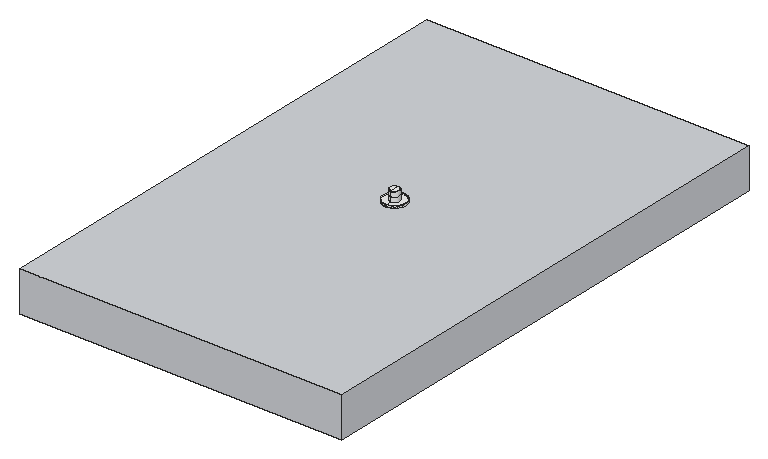
Revit family "Thermostatic_Trim-GROHE-Europlus_Custom-19879_Series", category Plumbing Fixtures, host Face, Revit 2014
Parameters (values of type "19879000")
  Width = 6 11/16"  # constant formula
  Waste Connection = no
  Warranty Documentation Link = "https://cdn.cloud.grohe.com/tpi/1000/1900/1940/1949/1949006/original/1949006.pdf"
  WFU = 4  # constant formula
  Vent Connection = no
  URL = "https://www.grohe.us/"
  Type Comments = ""
  Tempered Connection Radius = Tempered Connection Diameter / 2  # 1/4"
  Tempered Connection Diameter = Hot Water Connection Diameter  # 1/2"
  Shipping Weight = 3.896 lbf
  Product Page URL = "https://www.grohe.us/en_us/europlus-custom-shower-thermostatic-trim-with-control-module-19879000.html"
  Price = "Prices may vary. Please consult Manufacturer Representative for most up-to-date price list."  # constant formula
  Model = "19879000"
  Material = "Metal-Grohe-000-Chrome"
  Manufacturer = "Grohe"
  Length = 3 7/16"  # constant formula
  Installation Type = "Wall Mounted"
  Hot Water Connection Radius = Hot Water Connection Diameter / 2  # 1/4"
  Hot Water Connection Diameter = Cold Water Connection Diameter  # 1/2"
  Height = 40"
  HWFU = 3  # constant formula
  HW Connection = yes
  Flow Rate = "14 gpm at 45 psi"  # constant formula
  Finish = Metal-Grohe-000-Chrome
  Description = "Europlus Custom shower thermostatic trim with control module"  # constant formula
  Default Elevation = 44"  # constant formula
  Creation Date = "06/29/2017"  # constant formula
  Cold Water Connection Radius = 1/4"  # constant formula
  Cold Water Connection Diameter = Cold Water Connection Radius * 2  # 1/2"
  CWFU = 3  # constant formula
  CW Connection = yes
  Assembly Code = "D2010710"
  ADA Compliant = yes
Types (2): name | Shipping Weight | Product Page URL | Model | Material | Finish
  19879000 | 3.896 lbf | "https://www.grohe.us/en_us/europlus-custom-shower-thermostatic-trim-with-control-module-19879000.html" | "19879000" | "Metal-Grohe-000-Chrome" | Metal-Grohe-000-Chrome
  19879EN0 | 3.907 lbf | "https://www.grohe.us/en_us/custom-shower-thermostatic-trim-with-control-module-19879EN0.html" | "19879EN0" | "Metal-Grohe-EN0-Brushed Nickel" | Metal-Grohe-EN0-Brushed Nickel
Reference planes (in)
  plane 1 "Center (Front/Back)": y = 0
  plane 2: z = 0
  plane 3 "Center (Left/Right)": x = 0
  plane 4: y = 40
  plane 5: y = -18
  plane 6: y = -39
  plane 7: x = -1.21875
  plane 8: x = 1.21875
  plane 9: x = -3.34375
  plane 10: x = 3.34375
  plane 11: z = 0.375
  plane 12: z = 4
  plane 13: z = 3.38878
  plane 14: z = 0.8125
  plane 15: y = 3.34375
  plane 16: y = -3.34375
  plane 17: z = 2.5749
  plane 18: z = 2.22281
  plane 19: z = 1.62111
  plane 20: z = 1.4497
Forms (in)
  Extrusion 1, solid
    sketch origin (0, 0, 0) x (1, 0, 0) y (0, 1, 0)
      loop
        line (-48, 72) -> (-48, -79.70833) -> (48, -79.70833) -> (48, 72) -> (-48, 72)
    from 0 to -12
  Revolve 2, solid, material "Metal-Grohe-000-Chrome" <- "Finish"
    sketch origin (0, 0, 0) x (0, 1, 0) y (0, 0, 1)
      loop
        line (3.34375, 0) -> (3.34375, 0.4285)
        arc (3.34375, 0.4285) -> (3.32281, 0.47906) -> (3.27225, 0.5) r 0.0715
        line (3.27225, 0.5) -> (1.34375, 0.5) -> (1.34375, 1.85447) -> (1.2652, 1.85447) -> (1.2652, 1.92424) -> (1.34375, 1.92424) -> (1.34375, 3.22068)
        arc (1.34375, 3.22068) -> (1.33564, 3.24345) -> (1.31496, 3.25598) r 0.03603
        arc (1.31496, 3.25598) -> (0.66087, 3.35609) -> (0, 3.38957) r 6.53843
        line (0, 3.38957) -> (0, 0) -> (3.34375, 0)
      axis (0, 3.38957) -> (0, 0)
    angle from 0 to 360
  Extrusion 3, solid, material "Metal-Grohe-000-Chrome" <- "Finish"
    sketch origin (0, 0, 0) x (1, 0, 0) y (0, 1, 0)
      loop
        line (-0.37577, 1.68869) -> (-0.37577, 0.9505) -> (0.37577, 0.9505) -> (0.37577, 1.68869)
        arc (0.37577, 1.68869) -> (0.36367, 1.73085) -> (0.33103, 1.76017) r 0.07947
        arc (0.33103, 1.76017) -> (0, 1.83632) -> (-0.33103, 1.76017) r 0.75756
        arc (-0.33103, 1.76017) -> (-0.36367, 1.73085) -> (-0.37577, 1.68869) r 0.07947
    from 2.22281 to 2.5749
  Extrusion 4, solid, material "Metal-Grohe-000-Chrome" <- "Finish"
    sketch origin (0, 0, 0) x (1, 0, 0) y (0, 1, 0)
      loop
        circle (-0.75156, 0) r 0.25
      loop
        circle (0.75156, 0) r 0.25
    from 0 to 0.0625
Cuts and joins
  joined: Revolve 2, Extrusion 3, Extrusion 4
Lines and regions (in)
  Masking region 1
    outline origin (0, 0, 0) x (1, 0, 0) y (0, 0, 1)
      loop
        line (3.34375, 0) -> (3.34375, 0.42537)
        arc (3.34375, 0.42537) -> (3.32189, 0.47814) -> (3.26912, 0.5) r 0.07463
        line (3.26912, 0.5) -> (1.34375, 0.5) -> (1.34375, 1.85447) -> (1.2652, 1.85447) -> (1.2652, 1.92424) -> (1.34375, 1.92424) -> (1.34375, 3.21741)
        arc (1.34375, 3.21741) -> (1.33415, 3.24428) -> (1.3097, 3.25899) r 0.04242
        arc (1.3097, 3.25899) -> (-0.00235, 3.38882) -> (-1.31405, 3.25547) r 6.60509
        arc (-1.31405, 3.25547) -> (-1.33538, 3.24257) -> (-1.34375, 3.21909) r 0.03712
        line (-1.34375, 3.21909) -> (-1.34375, 1.92424) -> (-1.2652, 1.92424) -> (-1.2652, 1.85447) -> (-1.34375, 1.85447) -> (-1.34375, 0.5) -> (-3.26912, 0.5)
        arc (-3.26912, 0.5) -> (-3.32189, 0.47814) -> (-3.34375, 0.42537) r 0.07463
        line (-3.34375, 0.42537) -> (-3.34375, 0) -> (3.34375, 0)
  symbolic lines, detail levels fine
    curve 1: line (0.37577, 0, 2.5749) -> (-0.37577, 0, 2.5749)
    curve 2: line (0.37577, 0, 2.22281) -> (0.37577, 0, 2.5749)
    curve 3: line (-0.37577, 0, 2.22281) -> (0.37577, 0, 2.22281)
    curve 4: line (-0.37577, 0, 2.5749) -> (-0.37577, 0, 2.22281)
    curve 5: line (1.2652, 0, 1.92424) -> (-1.2652, 0, 1.92424)
    curve 6: line (-1.2652, 0, 1.85447) -> (1.2652, 0, 1.85447)
  symbolic lines, detail levels medium+fine
    curve 7: line (1.34375, 0, 0.5) -> (-1.34375, 0, 0.5)
Dimensions and locks (in)
  plane 1 "Center (Front/Back)" to plane 5 = 18"
  plane 5 to plane 6 = 21"
  plane 1 "Center (Front/Back)" to plane 4 = 40"
  plane 11 to level = 3/8"
  plane 12 to level = 4"
  level to plane 13 = 3.38878"
  plane 14 to level = 13/16"
  equal spacing: plane 15, plane 1 "Center (Front/Back)", plane 16
  plane 15 to plane 16 = 6 11/16"
  "Hot Water Connection Diameter": diameter of Extrusion 4 sketch curve
  "Cold Water Connection Diameter": diameter of Extrusion 4 sketch curve
  aligned and locked: plane 2 to Extrusion 1
  aligned and locked: level to Extrusion 1
Automatic sketch dimensions
  Extrusion 1 sketch curve to Extrusion 1 sketch curve = 96"
  Extrusion 1 sketch curve to Extrusion 1 sketch curve = 151.70833"
  Revolve 2 sketch curve to plane 1 "Center (Front/Back)" = 0"  (x2)
  Revolve 2 sketch curve to level = 0"
  Revolve 2 sketch curve to plane 15 = 0"
  Revolve 2 sketch curve to plane 1 "Center (Front/Back)" = 1.2652"
  plane 13 to Revolve 2 sketch curve = 0.1681"
  Revolve 2 sketch curve to Revolve 2 sketch curve = 0.04251"
  Revolve 2 sketch curve to Revolve 2 sketch curve = 0"
  plane 15 to Revolve 2 sketch curve = 0.0715"
  Revolve 2 sketch curve to level = 3.14886"
  plane 11 to Revolve 2 sketch curve = 0.0535"
  Revolve 2 sketch curve to Revolve 2 sketch curve = 0.06977"
  Revolve 2 sketch curve to plane 13 = 0.00079"
  plane 12 to Revolve 2 sketch curve = 1.99585"
  Revolve 2 sketch curve to Revolve 2 sketch curve = 0.35576"
  Extrusion 3 sketch curve to plane 3 "Center (Left/Right)" = 0"
  Extrusion 3 sketch curve to plane 3 "Center (Left/Right)" = 0.2963"
  plane 3 "Center (Left/Right)" to Extrusion 3 sketch curve = 0.2963"
  Extrusion 3 sketch curve to Extrusion 3 sketch curve = 0.07947"
  Extrusion 3 sketch curve to plane 1 "Center (Front/Back)" = 0.9505"
  Extrusion 3 sketch curve to Extrusion 3 sketch curve = 0.12826"
  Extrusion 3 sketch curve to Extrusion 3 sketch curve = 0"  (x3)
  Extrusion 3 sketch curve to Extrusion 3 sketch curve = 0.04474"
  Masking region 1 sketch curve to plane 9 = 0"
  plane 10 to Masking region 1 sketch curve = 0"
  Masking region 1 sketch curve to level = 0"
  Masking region 1 sketch curve to Masking region 1 sketch curve = 0.07463"
  Masking region 1 sketch curve to plane 7 = 1/8"
  Masking region 1 sketch curve to Masking region 1 sketch curve = 0"  (x3)
  Masking region 1 sketch curve to Masking region 1 sketch curve = 0.03712"
  Masking region 1 sketch curve to plane 7 = 0.04645"
  plane 3 "Center (Left/Right)" to Masking region 1 sketch curve = 0.00652"
  Masking region 1 sketch curve to plane 8 = 0.04645"
  Masking region 1 sketch curve to plane 8 = 0.08258"
  Masking region 1 sketch curve to Masking region 1 sketch curve = 0.04242"
  plane 10 to Masking region 1 sketch curve = 0.07463"
  Masking region 1 sketch curve to level = 3.21626"
  Masking region 1 sketch curve to plane 14 = 0.38713"  (x2)
  plane 19 to Masking region 1 sketch curve = 0.23336"  (x2)
  Masking region 1 sketch curve to Masking region 1 sketch curve = 0.06977"  (x2)
  plane 13 to Masking region 1 sketch curve = 0.17137"
  plane 13 to Masking region 1 sketch curve = 0.16968"
  curve 4 to plane 17 = 0"
  curve 4 to plane 18 = 0"
  curve 4 to plane 3 "Center (Left/Right)" = 0.37577"
  plane 3 "Center (Left/Right)" to curve 3 = 0.37577"
  curve 5 to plane 7 = 0.04645"
  curve 6 to plane 7 = 0.04645"
  curve 7 to plane 7 = 1/8"
  curve 5 to plane 8 = 0.04645"
  curve 6 to plane 8 = 0.04645"
  curve 7 to plane 8 = 1/8"
  curve 5 to plane 18 = 0.29856"
  curve 6 to curve 5 = 0.06977"
  curve 7 to plane 14 = 5/16"
  Revolve 2 sketch curve to Revolve 2 sketch curve = 0.07855"
  plane 19 to Revolve 2 sketch curve = 0.23336"
  plane 1 "Center (Front/Back)" to Extrusion 4 sketch curve = 0"  (x2)
  plane 7 to Extrusion 4 sketch curve = 0.46719"
  plane 8 to Extrusion 4 sketch curve = 0.46719"
Connectors (in)
  piping at (-0.75156, 0, 0), diameter 0.5, driven by "Hot Water Connection Diameter"
    settings: on Extrusion 4, index 1, connector inside diameter 24", connector length 0", flow factor 0, pipe flow 0 GPM, pressure drop 0.00 psi, fitting loss kfactor 0, connector angle 0.00°, fixture units 0, engagement length 0", angle of deflection 0.00°, flow configuration 3, flow direction 1, fitting loss method 0, system type 19, joint type 0, gender type 0, connector reference index -1, connector utility 0, adjustable connector no, is connector primary yes, connector description "1/2\" NPT HW Inlet"
  piping at (0.75156, 0, 0), diameter 0.5, driven by "Cold Water Connection Diameter"
    settings: on Extrusion 4, index 2, connector inside diameter 24", connector length 0", flow factor 0, pipe flow 0 GPM, pressure drop 0.00 psi, fitting loss kfactor 0, connector angle 0.00°, fixture units 0, engagement length 0", angle of deflection 0.00°, flow configuration 3, flow direction 1, fitting loss method 0, system type 20, joint type 0, gender type 0, connector reference index -1, connector utility 0, adjustable connector no, is connector primary no, connector description "1/2\" NPT CW Inlet"
